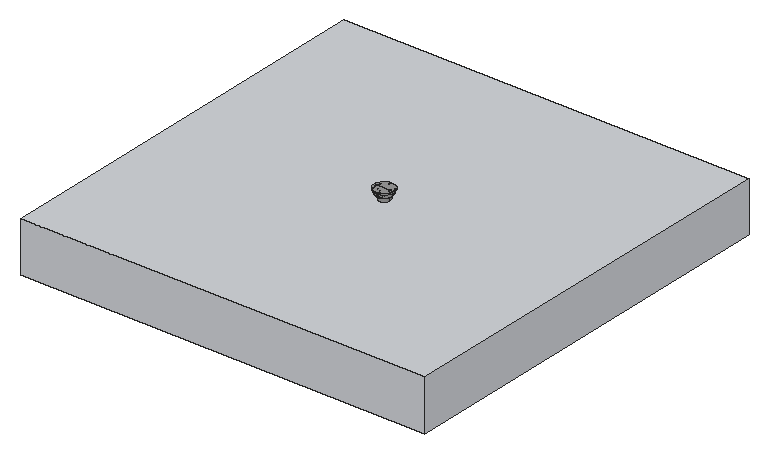
Revit family "LAMP_MUN DARK 120 SURFACE", category Modelos genéricos, Revit 2015
Parameters (values of type "30LM 3000 GRAPHITE")
  Weight = 0.346 kg
  Type = "OSRAM"
  Protection rating = "IP20"
  Product datasheet = "http://www.lamp.es/product-files/TECH/MD1120SF0120830NB-EN.pdf"
  Product code = "MD1120SF0120830NB"
  Product URL = "https://www.lamp.es/en/family/mun-dark_33380"
  Power Supply = "100-127-240V 50-60Hz"
  Power = 0.7 W
  Plum = 1.6 W
  Photometric web file = Fotometria Mun Dark 120 : 3000K
  Modelo = Product code  # "MD1120SF0120830NB"
  Material difusor = LAMP_PC Difusor Opal MunDark
  Material cuerpo = LAMP_Aluminio Mun Dark BL
  Material base = LAMP_Aluminio base MunDark BL
  Manufacturer name = "LAMP"
  Manufacturer country = "Spain"
  Manufacturer URL = "http://www.lamp.es/en"
  MacAdam = "<3"
  Luminaire type = "Indoor - Wall mounted"
  Last update = "06/11/2020"
  Lamp = "OSRAM LED"
  LED Lifetime = "50000 L70 B50"
  Insulation class = "I"
  Installation instructions = "http://www.lamp.es/product-files/INS/1004080-B-INSTR.%20MUN%20DARK.pdf"
  Initial intensity = 30 lm
  Initial color = 3000 K
  IEE = "A++"
  Height = 57 mm
  Gear = "Electronic"
  Finish = "Texturised matte graphite"
  Fabricante = Manufacturer name  # "LAMP"
  Default Elevation = 1219.2 mm
  Efficacy = 18.8 lm/W
  Diameter = 120 mm
  Descripción = "MUN DARK Ø120 WW GRH."
  CRI = "80"
Types (4, lengths in mm): name | Product datasheet | Product code | Modelo | Material cuerpo | Material base | Initial color | Finish | Descripción
  30LM 4000 WHITE | "http://www.lamp.es/product-files/TECH/MD1120SF0120840NW-EN.pdf" | "MD1120SF0120840NW" | "MD1120SF0120840NW" | LAMP_Aluminio Mun Dark WH | LAMP_Aluminio base MunDark WH | 4000 K | "Texturised matte white" | "MUN DARK Ø120 NW WH."
  30LM 4000 GRAPHITE | "http://www.lamp.es/product-files/TECH/MD1120SF0120840NB-EN.pdf" | "MD1120SF0120840NB" | "MD1120SF0120840NB" | LAMP_Aluminio Mun Dark BL | LAMP_Aluminio base MunDark BL | 4000 K | "Texturised matte graphite" | "MUN DARK Ø120 NW GRH."
  30LM 3000 WHITE | "http://www.lamp.es/product-files/TECH/MD1120SF0120830NW-EN.pdf" | "MD1120SF0120830NW" | "MD1120SF0120830NW" | LAMP_Aluminio Mun Dark WH | LAMP_Aluminio base MunDark WH | 3000 K | "Texturised matte white" | "MUN DARK Ø120 WW WH."
  30LM 3000 GRAPHITE | "http://www.lamp.es/product-files/TECH/MD1120SF0120830NB-EN.pdf" | "MD1120SF0120830NB" | "MD1120SF0120830NB" | LAMP_Aluminio Mun Dark BL | LAMP_Aluminio base MunDark BL | 3000 K | "Texturised matte graphite" | "MUN DARK Ø120 WW GRH."
Reference planes
  plane 1 "Centro (Frontal/Posterior)": y = 0
  plane 2: z = 0
  plane 3 "Centro (Izquierda/Derecha)": x = 0
Forms (mm)
  Extrusion 1, solid
    sketch origin (0, 0, 0) x (1, 0, 0) y (0, 1, 0)
      loop
        line (-1219.2, 1219.2) -> (-1219.2, -1219.2) -> (1219.2, -1219.2) -> (1219.2, 1219.2) -> (-1219.2, 1219.2)
    from 0 to -304.8
  Revolve 2, solid, material "LAMP_Aluminio Mun Dark BL" <- "Material cuerpo"
    sketch origin (0, 0, 0) x (1, 0, 0) y (0, 0, 1)
      loop
        line (0, 57) -> (0, 28.139) -> (33, 28.139) -> (33, 54.3) -> (48.8, 54.3) -> (48.8, 48.3) -> (49.8, 48.3) -> (49.8, 55) -> (60, 55) -> (60, 57) -> (0, 57)
      axis (0, 57) -> (0, 28.139)
    angle from 0 to 360
  Revolve 3, solid, material "LAMP_PC Difusor Opal MunDark" <- "Material difusor"
    sketch origin (0, 0, 0) x (1, 0, 0) y (0, 0, 1)
      loop
        line (46.821, 49.616) -> (44.821, 49.616) -> (47.8, 44.456) -> (47.8, 32.941) -> (47.8, 31.506) -> (33, 26.697) -> (33, 24.697) -> (47.727, 29.482)
        arc (47.727, 29.482) -> (49.227, 30.572) -> (49.8, 32.335) r 3
        line (49.8, 32.335) -> (49.8, 44.456) -> (46.821, 49.616)
      axis (0, 49.616) -> (0, 24.697)
    angle from 0 to 360
  Revolve 4, solid, material "LAMP_Aluminio base MunDark BL" <- "Material base"
    sketch origin (0, 0, 0) x (1, 0, 0) y (0, 0, 1)
      loop
        line (33, 24.697) -> (0, 24.697) -> (0, 0) -> (33, 0) -> (33, 24.697)
      axis (0, 24.697) -> (0, 0)
    angle from 0 to 360
Text (mm)
  text "Any modification of the parameters and properties of the LAMP BIM models must be executed and validated by the LAMP technical department.\n\nPhone: +34 93 736 68 00\n\nE-mail: lamp@lamp.es\n\n\n\nLAMP reserves the right to modify the technical specifications of its products." at (10716.47, 15100.544, -18948.585), in view "Preview"
Dimensions and locks
  aligned and locked: plane 2 to Extrusion 1
  aligned and locked: level to Extrusion 1
Nested families
  nested 1: "Fotometria Mun Dark 120" at (0, 0, -1372.567), type "3000K"
Connectors
  electrical at (0, 0, 0)
    settings: on Revolve 4, index 1, voltage 230 V, apparent load 0 VA, apparent load phase1 0 VA, apparent load phase2 0 VA, apparent load phase3 0 VA, power factor 1, load classification "Otro", number of poles 1, system type 31, power factor state 1, is connector primary yes, connector utility no, sub classification motor no, connector description ""
Definition of nested family "Fotometria Mun Dark 120"
  Parameters (values of type "4000K")
    Tilt Angle = -90.00°
    Wattage = 2.65957 W
    built-in parameter 1150110 = 1 (stored number, unit not read)
    built-in parameter 1150142 = "IESNA:LM-63-1995\r\n[TEST] 10540120\r\n[DATE] 26-10-2016\r\n[MANUFAC] LAMP S.A.\r\n[LUMCAT] 10540120\r\n[LUMINAIRE] MUN DARK??120 NW WH.\r\n[LAMPCAT] 200mm de tira flexible LF06A-W3F-840 a 350mA\r\n[LAMP] \r\nTILT=NONE\r\n    1        30 1.00   37   36    1    1   0.400   0.180   0.047\r\n  1.0  1.0    2.0\r\n    0.0    5.0   10.0   15.0   20.0   25.0   30.0   35.0   40.0   45.0   50.0   55.0   60.0   65.0   70.0   75.0   80.0   85.0   90.0   95.0  100.0  105.0  110.0  115.0  120.0  125.0  130.0  135.0  140.0  145.0  150.0  155.0  160.0  165.0  170.0  175.0  180.0\r\n    0.0   10.0   20.0   30.0   40.0   50.0   60.0   70.0   80.0   90.0  100.0  110.0  120.0  130.0  140.0  150.0  160.0  170.0  180.0  190.0  200.0  210.0  220.0  230.0  240.0  250.0  260.0  270.0  280.0  290.0  300.0  310.0  320.0  330.0  340.0  350.0\r\n       6.1       6.0       5.6       5.3       5.2       5.2       5.2       5.2       5.1       5.0       4.8       4.6       4.4       4.1       3.8       3.5       3.1       2.7       2.4       2.1       1.5       0.8       0.4       0.3       0.2       0.2       0.2       0.2       0.2       0.0       0.0       0.0       0.0       0.0       0.0       0.0       0.0\r\n       6.1       6.0       5.6       5.3       5.2       5.2       5.2       5.2       5.1       5.0       4.8       4.6       4.4       4.1       3.8       3.5       3.1       2.7       2.4       2.1       1.5       0.8       0.4       0.3       0.2       0.2       0.2       0.2       0.2       0.0       0.0       0.0       0.0       0.0       0.0       0.0       0.0\r\n       6.1       6.0       5.6       5.3       5.2       5.2       5.2       5.2       5.1       5.0       4.8       4.6       4.4       4.1       3.8       3.5       3.1       2.7       2.4       2.1       1.5       0.8       0.4       0.3       0.2       0.2       0.2       0.2       0.2       0.0       0.0       0.0       0.0       0.0       0.0       0.0       0.0\r\n       6.1       6.0       5.6       5.3       5.2       5.2       5.2       5.2       5.1       5.0       4.8       4.6       4.4       4.1       3.8       3.5       3.1       2.7       2.4       2.1       1.5       0.8       0.4       0.3       0.2       0.2       0.2       0.2       0.2       0.0       0.0       0.0       0.0       0.0       0.0       0.0       0.0\r\n       6.1       6.0       5.6       5.3       5.2       5.2       5.2       5.2       5.1       5.0       4.8       4.7       4.4       4.1       3.8       3.5       3.1       2.7       2.4       2.1       1.5       0.8       0.4       0.3       0.2       0.2       0.2       0.2       0.2       0.0       0.0       0.0       0.0       0.0       0.0       0.0       0.0\r\n       6.1       6.0       5.6       5.3       5.2       5.2       5.2       5.2       5.1       5.0       4.8       4.7       4.4       4.1       3.8       3.5       3.1       2.7       2.4       2.1       1.5       0.8       0.4       0.3       0.2       0.2       0.2       0.2       0.2       0.0       0.0       0.0       0.0       0.0       0.0       0.0       0.0\r\n       6.1       6.0       5.6       5.3       5.2       5.2       5.2       5.2       5.1       5.0       4.8       4.6       4.4       4.1       3.8       3.5       3.1       2.7       2.4       2.1       1.5       0.8       0.4       0.3       0.2       0.2       0.2       0.2       0.2       0.0       0.0       0.0       0.0       0.0       0.0       0.0       0.0\r\n       6.1       6.0       5.6       5.3       5.2       5.2       5.2       5.2       5.1       5.0       4.8       4.6       4.4       4.1       3.8       3.5       3.1       2.7       2.4       2.1       1.5       0.8       0.4       0.3       0.2       0.2       0.2       0.2       0.2       0.0       0.0       0.0       0.0       0.0       0.0       0.0       0.0\r\n       6.1       6.0       5.6       5.3       5.2       5.2       5.2       5.2       5.1       5.0       4.8       4.6       4.4       4.1       3.8       3.5       3.1       2.7       2.4       2.1       1.5       0.8       0.4       0.3       0.2       0.2       0.2       0.2       0.2       0.0       0.0       0.0       0.0       0.0       0.0       0.0       0.0\r\n       6.1       6.0       5.6       5.3       5.2       5.2       5.2       5.2       5.1       5.0       4.8       4.6       4.4       4.1       3.8       3.5       3.1       2.7       2.4       2.1       1.5       0.8       0.4       0.3       0.2       0.2       0.2       0.2       0.2       0.0       0.0       0.0       0.0       0.0       0.0       0.0       0.0\r\n       6.1       6.0       5.6       5.3       5.2       5.2       5.2       5.2       5.1       5.0       4.8       4.6       4.4       4.1       3.8       3.5       3.1       2.7       2.4       2.1       1.5       0.8       0.4       0.3       0.2       0.2       0.2       0.2       0.2       0.0       0.0       0.0       0.0       0.0       0.0       0.0       0.0\r\n       6.1       6.0       5.6       5.3       5.2       5.2       5.2       5.2       5.1       5.0       4.8       4.6       4.4       4.1       3.8       3.5       3.1       2.7       2.4       2.1       1.5       0.8       0.4       0.3       0.2       0.2       0.2       0.2       0.2       0.0       0.0       0.0       0.0       0.0       0.0       0.0       0.0\r\n       6.1       6.0       5.6       5.3       5.2       5.2       5.2       5.2       5.1       5.0       4.8       4.6       4.4       4.1       3.8       3.5       3.1       2.7       2.4       2.1       1.5       0.8       0.4       0.3       0.2       0.2       0.2       0.2       0.2       0.0       0.0       0.0       0.0       0.0       0.0       0.0       0.0\r\n       6.1       6.0       5.6       5.3       5.2       5.2       5.2       5.2       5.1       5.0       4.8       4.7       4.4       4.1       3.8       3.5       3.1       2.7       2.4       2.1       1.5       0.8       0.4       0.3       0.2       0.2       0.2       0.2       0.2       0.0       0.0       0.0       0.0       0.0       0.0       0.0       0.0\r\n       6.1       6.0       5.6       5.3       5.2       5.2       5.2       5.2       5.1       5.0       4.8       4.7       4.4       4.1       3.8       3.5       3.1       2.7       2.4       2.1       1.5       0.8       0.4       0.3       0.2       0.2       0.2       0.2       0.2       0.0       0.0       0.0       0.0       0.0       0.0       0.0       0.0\r\n       6.1       6.0       5.6       5.3       5.2       5.2       5.2       5.2       5.1       5.0       4.8       4.6       4.4       4.1       3.8       3.5       3.1       2.7       2.4       2.1       1.5       0.8       0.4       0.3       0.2       0.2       0.2       0.2       0.2       0.0       0.0       0.0       0.0       0.0       0.0       0.0       0.0\r\n       6.1       6.0       5.6       5.3       5.2       5.2       5.2       5.2       5.1       5.0       4.8       4.6       4.4       4.1       3.8       3.5       3.1       2.7       2.4       2.1       1.5       0.8       0.4       0.3       0.2       0.2       0.2       0.2       0.2       0.0       0.0       0.0       0.0       0.0       0.0       0.0       0.0\r\n       6.1       6.0       5.6       5.3       5.2       5.2       5.2       5.2       5.1       5.0       4.8       4.6       4.4       4.1       3.8       3.5       3.1       2.7       2.4       2.1       1.5       0.8       0.4       0.3       0.2       0.2       0.2       0.2       0.2       0.0       0.0       0.0       0.0       0.0       0.0       0.0       0.0\r\n       6.1       6.0       5.6       5.3       5.2       5.2       5.2       5.2       5.1       5.0       4.8       4.6       4.4       4.1       3.8       3.5       3.1       2.7       2.4       2.1       1.5       0.8       0.4       0.3       0.2       0.2       0.2       0.2       0.2       0.0       0.0       0.0       0.0       0.0       0.0       0.0       0.0\r\n       6.1       6.0       5.6       5.3       5.2       5.2       5.2       5.2       5.1       5.0       4.8       4.6       4.4       4.1       3.8       3.5       3.1       2.7       2.4       2.1       1.5       0.8       0.4       0.3       0.2       0.2       0.2       0.2       0.2       0.0       0.0       0.0       0.0       0.0       0.0       0.0       0.0\r\n       6.1       6.0       5.6       5.3       5.2       5.2       5.2       5.2       5.1       5.0       4.8       4.6       4.4       4.1       3.8       3.5       3.1       2.7       2.4       2.1       1.5       0.8       0.4       0.3       0.2       0.2       0.2       0.2       0.2       0.0       0.0       0.0       0.0       0.0       0.0       0.0       0.0\r\n       6.1       6.0       5.6       5.3       5.2       5.2       5.2       5.2       5.1       5.0       4.8       4.6       4.4       4.1       3.8       3.5       3.1       2.7       2.4       2.1       1.5       0.8       0.4       0.3       0.2       0.2       0.2       0.2       0.2       0.0       0.0       0.0       0.0       0.0       0.0       0.0       0.0\r\n       6.1       6.0       5.6       5.3       5.2       5.2       5.2       5.2       5.1       5.0       4.8       4.7       4.4       4.1       3.8       3.5       3.1       2.7       2.4       2.1       1.5       0.8       0.4       0.3       0.2       0.2       0.2       0.2       0.2       0.0       0.0       0.0       0.0       0.0       0.0       0.0       0.0\r\n       6.1       6.0       5.6       5.3       5.2       5.2       5.2       5.2       5.1       5.0       4.8       4.7       4.4       4.1       3.8       3.5       3.1       2.7       2.4       2.1       1.5       0.8       0.4       0.3       0.2       0.2       0.2       0.2       0.2       0.0       0.0       0.0       0.0       0.0       0.0       0.0       0.0\r\n       6.1       6.0       5.6       5.3       5.2       5.2       5.2       5.2       5.1       5.0       4.8       4.6       4.4       4.1       3.8       3.5       3.1       2.7       2.4       2.1       1.5       0.8       0.4       0.3       0.2       0.2       0.2       0.2       0.2       0.0       0.0       0.0       0.0       0.0       0.0       0.0       0.0\r\n       6.1       6.0       5.6       5.3       5.2       5.2       5.2       5.2       5.1       5.0       4.8       4.6       4.4       4.1       3.8       3.5       3.1       2.7       2.4       2.1       1.5       0.8       0.4       0.3       0.2       0.2       0.2       0.2       0.2       0.0       0.0       0.0       0.0       0.0       0.0       0.0       0.0\r\n       6.1       6.0       5.6       5.3       5.2       5.2       5.2       5.2       5.1       5.0       4.8       4.6       4.4       4.1       3.8       3.5       3.1       2.7       2.4       2.1       1.5       0.8       0.4       0.3       0.2       0.2       0.2       0.2       0.2       0.0       0.0       0.0       0.0       0.0       0.0       0.0       0.0\r\n       6.1       6.0       5.6       5.3       5.2       5.2       5.2       5.2       5.1       5.0       4.8       4.6       4.4       4.1       3.8       3.5       3.1       2.7       2.4       2.1       1.5       0.8       0.4       0.3       0.2       0.2       0.2       0.2       0.2       0.0       0.0       0.0       0.0       0.0       0.0       0.0       0.0\r\n       6.1       6.0       5.6       5.3       5.2       5.2       5.2       5.2       5.1       5.0       4.8       4.6       4.4       4.1       3.8       3.5       3.1       2.7       2.4       2.1       1.5       0.8       0.4       0.3       0.2       0.2       0.2       0.2       0.2       0.0       0.0       0.0       0.0       0.0       0.0       0.0       0.0\r\n       6.1       6.0       5.6       5.3       5.2       5.2       5.2       5.2       5.1       5.0       4.8       4.6       4.4       4.1       3.8       3.5       3.1       2.7       2.4       2.1       1.5       0.8       0.4       0.3       0.2       0.2       0.2       0.2       0.2       0.0       0.0       0.0       0.0       0.0       0.0       0.0       0.0\r\n       6.1       6.0       5.6       5.3       5.2       5.2       5.2       5.2       5.1       5.0       4.8       4.6       4.4       4.1       3.8       3.5       3.1       2.7       2.4       2.1       1.5       0.8       0.4       0.3       0.2       0.2       0.2       0.2       0.2       0.0       0.0       0.0       0.0       0.0       0.0       0.0       0.0\r\n       6.1       6.0       5.6       5.3       5.2       5.2       5.2       5.2       5.1       5.0       4.8       4.7       4.4       4.1       3.8       3.5       3.1       2.7       2.4       2.1       1.5       0.8       0.4       0.3       0.2       0.2       0.2       0.2       0.2       0.0       0.0       0.0       0.0       0.0       0.0       0.0       0.0\r\n       6.1       6.0       5.6       5.3       5.2       5.2       5.2       5.2       5.1       5.0       4.8       4.7       4.4       4.1       3.8       3.5       3.1       2.7       2.4       2.1       1.5       0.8       0.4       0.3       0.2       0.2       0.2       0.2       0.2       0.0       0.0       0.0       0.0       0.0       0.0       0.0       0.0\r\n       6.1       6.0       5.6       5.3       5.2       5.2       5.2       5.2       5.1       5.0       4.8       4.6       4.4       4.1       3.8       3.5       3.1       2.7       2.4       2.1       1.5       0.8       0.4       0.3       0.2       0.2       0.2       0.2       0.2       0.0       0.0       0.0       0.0       0.0       0.0       0.0       0.0\r\n       6.1       6.0       5.6       5.3       5.2       5.2       5.2       5.2       5.1       5.0       4.8       4.6       4.4       4.1       3.8       3.5       3.1       2.7       2.4       2.1       1.5       0.8       0.4       0.3       0.2       0.2       0.2       0.2       0.2       0.0       0.0       0.0       0.0       0.0       0.0       0.0       0.0\r\n       6.1       6.0       5.6       5.3       5.2       5.2       5.2       5.2       5.1       5.0       4.8       4.6       4.4       4.1       3.8       3.5       3.1       2.7       2.4       2.1       1.5       0.8       0.4       0.3       0.2       0.2       0.2       0.2       0.2       0.0       0.0       0.0       0.0       0.0       0.0       0.0       0.0\r\n"
    built-in parameter 1114217 = 1 (stored number, unit not read)
    built-in parameter 1150109 = 1 (stored number, unit not read)
    built-in parameter 1150134 = 12
    built-in parameter 1150113 = 1 (stored number, unit not read)
    Lumens = 50 lm
    built-in parameter 1150115 = 1 (stored number, unit not read)
    built-in parameter 1150105 = 10.167 (stored number, unit not read)
    built-in parameter 1150137 = (empty or 0)
    built-in parameter 1150139 = (empty or 0)
    built-in parameter 1150112 = 1 (stored number, unit not read)
    built-in parameter 1150114 = 1 (stored number, unit not read)
    built-in parameter 1150132 = 2
    built-in parameter 1150102 = (empty or 0)
    built-in parameter 1150138 = (empty or 0)
    built-in parameter 1150107 = 4000 (stored number, unit not read)
    built-in parameter 1150106 = 0.10167 (stored number, unit not read)
    built-in parameter 1150104 = 1.7466 (stored number, unit not read)
    Dimming Lamp Color Temperature Shift = (empty or 0)
    Color Filter = 16777215
    built-in parameter 1114218 = 1 (stored number, unit not read)
    Photometric Web File = "10540120.IES"
    built-in parameter 1150133 = 10 (stored number, unit not read)
  Types (3, lengths in mm): name | built-in parameter 1150134 | built-in parameter 1150105 | built-in parameter 1150107 | built-in parameter 1150106
    (no name) | 12 | 10.167 (stored number, unit not read) | 4000 (stored number, unit not read) | 0.10167 (stored number, unit not read)
    3000K | (empty or 0) | 3.9789 (stored number, unit not read) | 3000 (stored number, unit not read) | 0.039789 (stored number, unit not read)
    4000K | 12 | 10.167 (stored number, unit not read) | 4000 (stored number, unit not read) | 0.10167 (stored number, unit not read)
  Reference planes
    plane 1 "Eje de origen de luz (F/P)": y = 0
    plane 2: z = 0
    plane 3 "Eje de origen de luz (I/D)": x = 0
    plane 4 "Elevación de origen de luz": z = 1400
  Dimensions and locks
    aligned and locked: plane 3 "Eje de origen de luz (I/D)" to imposter light
    aligned and locked: plane 1 "Eje de origen de luz (F/P)" to imposter light
    aligned and locked: plane 4 "Elevación de origen de luz" to imposter light
    aligned and locked: plane 2 to level
